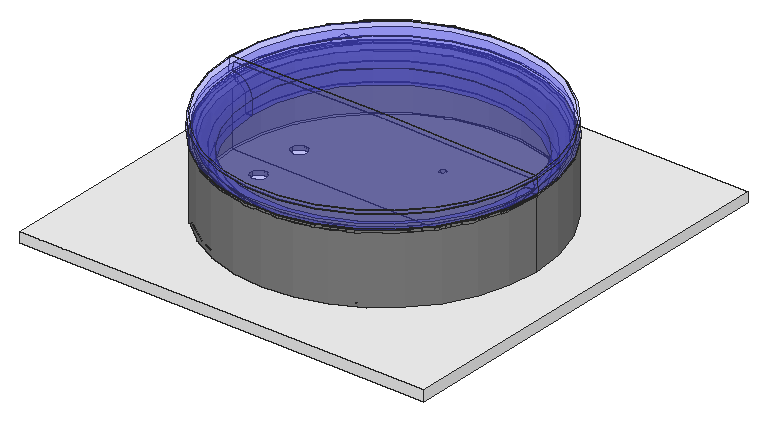
Revit family "BE_33638_de_DE", category Leuchten, Revit 2020
Family settings
  Basisbauteil = Fläche
  Bemaßung runder Anschluss = Durchmesser verwenden
  Teiletyp = Normal
  Beim Laden mit Abzugskörper schneiden = Ja
  Lichtquelle = Ja
  Gemeinsam genutzt = Nein
  Raumberechnungspunkt = Ja
Parameters (values of type "BEGA_33638_Grafit_K3")
  built-in parameter 1150104 = 10.487 (stored number, unit not read)
  Wattage = 26 W
  Default Elevation = 0 mm
  built-in parameter 1150113 = 1 (stored number, unit not read)
  built-in parameter 1114218 = 1 (stored number, unit not read)
  Umgebungstemperatur = "25 °C"
  URL = "https://www.bega.com/de/produkt/33638"
  Typenkommentare = "© 2022 BEGA. Wir behalten uns das Recht vor, technische Änderungen ohne vorherige Ankündigung vorzunehmen."  # constant formula
  Type Image = 33638.png
  built-in parameter 1150134 = (empty or 0)
  built-in parameter 1150109 = 1 (stored number, unit not read)
  Strom = ""
  built-in parameter 1150110 = 1 (stored number, unit not read)
  Spannung = 239.996 V
  Sonderanfertigung = no
  Seriennummer [instance] = "Hier können Sie die eindeutige Seriennummer für das Facility Management eintragen."
  Schutzklasse = "I"
  Schutzart = "IP 64"
  Scheinlast = 0 VA
  Produktdatenblatt = "https://cdn.bega.com/bega/products/33638K4/current/documents/data-sheets/de"
  Oberflächentemperatur = ""
  Neigungswinkel = 0.00°
  Modell = "33638K3"
  Material_11 = BEGA_Glas_opal
  Material_02 = BEGA_Oberfläche_Silber_matt
  Material_01 [instance] = BEGA_Oberfläche_Grafit_matt
  M_G = yes
  M_A = no
  Logo = 0
  built-in parameter 1114217 = 1 (stored number, unit not read)
  built-in parameter 1150139 = (empty or 0)
  built-in parameter 1150105 = 233.55 (stored number, unit not read)
  built-in parameter 1150114 = 1 (stored number, unit not read)
  Lumens = 2934.88 lm
  built-in parameter 1150115 = 1 (stored number, unit not read)
  Leuchtenlichtstrom = "2003 lm"
  Leuchtenanzahl = ""
  Lebensdauerkriterien = "L70B50 @ 25 °C = 192000 h"
  Lastklassifizierung = Beleuchtung
  built-in parameter 1150112 = 1 (stored number, unit not read)
  Lampenlichtstrom = "3630 lm"
  Lampe = "LED 19.3 W"
  LED_Modulbezeichnung = "LED-0832/830"
  built-in parameter 1150142 = (empty or 0)
  Hersteller = "BEGA"  # constant formula
  Halbstreuwinkel = ""
  Gewicht = "2.8 kg"
  Gebrauchslageneinschränkung [instance] = ""
  Frequenz = "0/50-60 Hz"
  Farbwiedergabeindex = "CRI > 80"
  Farbtemperaturverschiebung bei Dämpfen der Lampe = <Keine Auswahl>
  Farbtemperatur = "3000 K"
  Color Filter = 16777215
  built-in parameter 1150133 = 10 (stored number, unit not read)
  Energieeffizienzklasse = "LED A++ - A"
  built-in parameter 1150137 = (empty or 0)
  built-in parameter 1150132 = (empty or 0)
  ENEC = "ja"
  Dimmbar [instance] = "DALI"
  Datei für fotometrisches Netz = "BE_33638K3.IES"
  CE_Konformität = "ja"
  Bestellnummer = "33638K3"
  Beschreibung_Sonderanfertigung = "Hier können Sie Informationen zur Sonderanfertigung eintragen."
  Beschreibung = "Decken- und Wandleuchte"
  built-in parameter 1150106 = 2.3355 (stored number, unit not read)
  Befestigungsbohrung = "Ø 5,5 mm"
  Befestigungsabstand = "240 mm"
  BEGA_Intern_aus = yes
  BEGA_Intern_an = yes
  BEGA_Intern_Konstruktion = yes
  BEGA_Intern = yes
  BEGA_IES = yes
  BEGA_Dummy = no
  Anschlussleistung [instance] = "22.2 W"
  built-in parameter 1150107 = 3000 (stored number, unit not read)
  built-in parameter 1150102 = (empty or 0)
  built-in parameter 1150138 = (empty or 0)
  Aktualisierung = "2022-05-18T04:00:07"
  AC/DC = "AC/DC"
Types (4, lengths in mm): name | built-in parameter 1150104 | built-in parameter 1150134 | Modell | M_G | M_A | built-in parameter 1150105 | Lumens | Leuchtenlichtstrom | Lampenlichtstrom | LED_Modulbezeichnung | Farbtemperatur | Datei für fotometrisches Netz | Bestellnummer | built-in parameter 1150106 | built-in parameter 1150107
  BEGA_33638_Grafit_K3 | 10.487 (stored number, unit not read) | (empty or 0) | "33638K3" | yes | no | 233.55 (stored number, unit not read) | 2934.88 lm | "2003 lm" | "3630 lm" | "LED-0832/830" | "3000 K" | "BE_33638K3.IES" | "33638K3" | 2.3355 (stored number, unit not read) | 3000 (stored number, unit not read)
  BEGA_33638_Silber_K3 | 10.487 (stored number, unit not read) | (empty or 0) | "33638AK3" | no | yes | 233.55 (stored number, unit not read) | 2934.88 lm | "2003 lm" | "3630 lm" | "LED-0832/830" | "3000 K" | "BE_33638K3.IES" | "33638AK3" | 2.3355 (stored number, unit not read) | 3000 (stored number, unit not read)
  BEGA_33638_Silber_K4 | 11.112 (stored number, unit not read) | 12 | "33638AK4" | no | yes | 247.47 (stored number, unit not read) | 3109.86 lm | "2031 lm" | "3680 lm" | "LED-0832/840" | "4000 K" | "BE_33638K4.IES" | "33638AK4" | 2.4747 (stored number, unit not read) | 4000 (stored number, unit not read)
  BEGA_33638_Grafit_K4 | 11.112 (stored number, unit not read) | 12 | "33638K4" | yes | no | 247.47 (stored number, unit not read) | 3109.86 lm | "2031 lm" | "3680 lm" | "LED-0832/840" | "4000 K" | "BE_33638K4.IES" | "33638K4" | 2.4747 (stored number, unit not read) | 4000 (stored number, unit not read)
Reference planes
  plane 1 "Mitte (Vorne/Hinten)": y = 0
  plane 2: z = 0
  plane 3 "Mitte (Links/Rechts)": x = 0
  plane 4 "Links": x = -153.037
  plane 5 "Rechts": x = 153.037
  plane 6 "Unten": y = -152.973
  plane 7 "Oben": y = 152.973
  plane 8 "Vorne": z = 87.037
Forms (mm)
  Extrusion 1, solid, material "BEGA_Platte_Weiss"
    sketch origin (0, -1119.2, 0) x (1, 0, 0) y (0, 1, 0)
      loop
        line (-200, 1319.2) -> (-200, 919.2) -> (200, 919.2) -> (200, 1319.2) -> (-200, 1319.2)
    from 0 to -10
  Extrusion 2, solid, material "BEGA_Dummy_matt", visible <- "BEGA_Dummy"
    sketch origin (77.149, -76.023, 0) x (1, 0, 0) y (0, 1, 0)
      loop
        circle (-77.149, 76.023) r 152.973
    from 0 to 87.037
Dimensions and locks
  plane 1 "Mitte (Vorne/Hinten)" to Extrusion 1 = 200 mm
  aligned and locked: plane 2 to Extrusion 1
  aligned and locked: level to Extrusion 1
Nested families
  nested 1: "BE_33638" at (0, 0, 0), type "BE_33638"
Connectors
  electrical at (0, 0, 0), driven by "Lastklassifizierung", driven by "Spannung", driven by "Scheinlast"
    settings: index 1, voltage 239.996 V, apparent load 0 VA, apparent load phase1 0 VA, apparent load phase2 0 VA, apparent load phase3 0 VA, power factor 1, load classification "Beleuchtung", number of poles 1, system type 31, power factor state 1, is connector primary yes, connector utility no, sub classification motor no, connector description ""
Definition of nested family "BE_33638"
  Parameters (values of type "BE_33638")
    Default Elevation = 1 mm
    URL = "http://www.bega.de/de/produkt"
    Type Comments = "© 2015 BEGA. Wir behalten uns das Recht vor, technische Änderungen ohne vorherige Ankündigung vorzunehmen. "  # constant formula
    Type Image = (empty or 0)
    Material_17 = none
    Material_15 = none
    Material_11 = none
    Material_09 = none
    Material_06 = none
    Material_02 = none
    Material_01 = none
    M_W = yes
    M_G = yes
    M_A = yes
    Länge_Platte = 200 mm  # constant formula
    Höhe_Platte = -10 mm  # constant formula
    Manufacturer = "BEGA"  # constant formula
    Breite_Platte = 200 mm  # constant formula
  Reference planes
    plane 1 "Mitte (Oben/Unten)": y = 0
    plane 2: z = 0
    plane 3 "Mitte (Links/Rechts)": x = 0
    plane 4 "Vorne": z = 87.037
    plane 5 "Oben": y = 152.973
    plane 6: x = -153.037
    plane 7: y = -152.973
    plane 8: x = 153.037
  Forms (mm)
    Extrusion 1, solid, detail levels medium
      sketch origin (0, 0, 0) x (1, 0, 0) y (0, 1, 0)
        loop
          line (-100, 100) -> (-100, -100) -> (100, -100) -> (100, 100) -> (-100, 100)
      from 0 to -10 <- "Höhe_Platte"
    Revolve 2, solid, material <- "Material_11", detail levels medium+fine
      sketch origin (0, 0, 1.5) x (1, 0, 0) y (0, 0, 1)
        loop
          arc (0, 85.5) -> (-75.298, 84.83) -> (-150.587, 83.54) r 9136.086
          arc (-150.587, 83.54) -> (-151.948, 82.966) -> (-152.543, 81.614) r 2
          line (-152.543, 81.614) -> (-152.999, 68.572)
          arc (-152.999, 68.572) -> (-152.439, 67.112) -> (-151, 66.5) r 2
          line (-151, 66.5) -> (-145, 66.5) -> (-136, 56.139) -> (-136, 37.5) -> (-130, 37.5) -> (-130, 52.5)
          arc (-130, 52.5) -> (-135.605, 65.553) -> (-148.93, 70.476) r 18
          line (-148.93, 70.476) -> (-148.619, 79.38)
          arc (-148.619, 79.38) -> (-74.313, 80.641) -> (0, 81.298) r 9131.433
          line (0, 81.298) -> (0, 85.5)
        axis (0, 85.5) -> (0, 37.5)
      angle from 0 to 360
    Extrusion 3, void
      sketch origin (0, 0, 0) x (1, 0, 0) y (0, 1, 0)
        loop
          circle (0, -120) r 2.75
        loop
          circle (0, 72.973) r 2.75
        loop
          circle (-107.5, 30) r 7.5
        loop
          circle (-107.5, -20) r 7.5
      from 0 to 5.474
    Revolve 4, solid, material <- "Material_02", visible <- "M_A", detail levels medium+fine
      sketch origin (0, 0, 1.707) x (1, 0, 0) y (0, 0, 1)
        loop
          line (-151.35, 64.446) -> (-151.35, -1.707) -> (0, -1.707) -> (0, 1.793) -> (-149.149, 1.793)
          arc (-149.149, 1.793) -> (-149.857, 2.086) -> (-150.15, 2.793) r 1
          line (-150.15, 2.793) -> (-150.15, 64.805) -> (-145.348, 60.004) -> (-144.5, 60.852) -> (-149.096, 65.449)
          arc (-149.096, 65.449) -> (-150.549, 65.679) -> (-151.35, 64.446) r 1.35
        axis (0, 65.449) -> (0, -1.707)
      angle from 0 to 360
    Extrusion 5, void
      sketch origin (0, 0, 0) x (1, 0, 0) y (0, 1, 0)
        loop
          circle (0, -120) r 2.75
        loop
          circle (0, 72.973) r 2.75
        loop
          circle (-107.5, 30) r 7.5
        loop
          circle (-107.5, -20) r 7.5
      from 0 to 5.474
    Extrusion 6, void
      sketch origin (0, 0, 0) x (1, 0, 0) y (0, 1, 0)
        loop
          circle (0, -120) r 2.75
        loop
          circle (0, 72.973) r 2.75
        loop
          circle (-107.5, 30) r 7.5
        loop
          circle (-107.5, -20) r 7.5
      from 0 to 5.474
    Revolve 7, solid, material <- "Material_01", visible <- "M_G", detail levels medium+fine
      sketch origin (0, 0, 1.707) x (1, 0, 0) y (0, 0, 1)
        loop
          line (-151.35, 64.446) -> (-151.35, -1.707) -> (0, -1.707) -> (0, 1.793) -> (-149.149, 1.793)
          arc (-149.149, 1.793) -> (-149.857, 2.086) -> (-150.15, 2.793) r 1
          line (-150.15, 2.793) -> (-150.15, 64.805) -> (-145.348, 60.004) -> (-144.5, 60.852) -> (-149.096, 65.449)
          arc (-149.096, 65.449) -> (-150.549, 65.679) -> (-151.35, 64.446) r 1.35
        axis (0, 65.449) -> (0, -1.707)
      angle from 0 to 360
    Extrusion 8, void
      sketch origin (0, 0, 0) x (1, 0, 0) y (0, 1, 0)
        loop
          circle (0, -120) r 2.75
        loop
          circle (0, 72.973) r 2.75
        loop
          circle (-107.5, 30) r 7.5
        loop
          circle (-107.5, -20) r 7.5
      from 0 to 5.474
  Cuts and joins
    Extrusion 3 cuts Revolve 2
    Extrusion 5, Extrusion 6, Extrusion 8 cuts Revolve 4
    Extrusion 6 cuts Revolve 7
  Dimensions and locks
    equal spacing: Extrusion 1 sketch curve, plane 3 "Mitte (Links/Rechts)", Extrusion 1 sketch curve
    equal spacing: Extrusion 1 sketch curve, plane 1 "Mitte (Oben/Unten)", Extrusion 1 sketch curve
    "Länge_Platte": Extrusion 1 sketch curve to Extrusion 1 sketch curve
    "Breite_Platte": Extrusion 1 sketch curve to Extrusion 1 sketch curve
    aligned and locked: plane 2 to Extrusion 1
    aligned and locked: level to Extrusion 1
  Automatic sketch dimensions
    Revolve 2 sketch curve to plane 3 "Mitte (Links/Rechts)" = 0 mm  (x2)
    Revolve 2 sketch curve to Revolve 2 sketch curve = 6 mm
    Revolve 2 sketch curve to Revolve 2 sketch curve = 9 mm
    Revolve 2 sketch curve to Revolve 2 sketch curve = 12 mm
    Revolve 2 sketch curve to Revolve 2 sketch curve = 3.619 mm
    Revolve 2 sketch curve to Revolve 2 sketch curve = 3.93 mm
    Revolve 2 sketch curve to Revolve 2 sketch curve = 1.926 mm
    Revolve 2 sketch curve to Revolve 2 sketch curve = 2.07 mm
    Revolve 2 sketch curve to Revolve 2 sketch curve = 1.999 mm  (x2)
    plane 3 "Mitte (Links/Rechts)" to Revolve 2 sketch curve = 43.552 mm
    Revolve 2 sketch curve to Revolve 2 sketch curve = 0.004 mm
    Revolve 2 sketch curve to Revolve 2 sketch curve = 0.452 mm
    level to Revolve 2 sketch curve = 39 mm
    Revolve 2 sketch curve to Revolve 2 sketch curve = 15 mm
    Revolve 2 sketch curve to Revolve 2 sketch curve = 3.639 mm  (x2)
    Revolve 2 sketch curve to Revolve 2 sketch curve = 10.361 mm
    Revolve 2 sketch curve to Revolve 2 sketch curve = 2 mm
    Revolve 2 sketch curve to Revolve 2 sketch curve = 1.976 mm
    Revolve 2 sketch curve to Revolve 2 sketch curve = 8.904 mm
    Revolve 2 sketch curve to Revolve 2 sketch curve = 2.161 mm
    Revolve 2 sketch curve to Revolve 2 sketch curve = 0.073 mm
    Revolve 2 sketch curve to Revolve 2 sketch curve = 4.201 mm
    Revolve 2 sketch curve to Revolve 2 sketch curve = 0.042 mm
    Revolve 2 sketch curve to Revolve 2 sketch curve = 0 mm  (x3)
    Revolve 2 sketch curve to Revolve 2 sketch curve = 7.467 mm
    Extrusion 3 sketch curve to plane 3 "Mitte (Links/Rechts)" = 0 mm  (x2)
    Extrusion 3 sketch curve to plane 1 "Mitte (Oben/Unten)" = 30 mm
    plane 1 "Mitte (Oben/Unten)" to Extrusion 3 sketch curve = 20 mm
    Extrusion 3 sketch curve to Extrusion 3 sketch curve = 0 mm
    Extrusion 3 sketch curve to plane 5 "Oben" = 80 mm
    Extrusion 5 sketch curve to plane 3 "Mitte (Links/Rechts)" = 0 mm  (x2)
    Extrusion 5 sketch curve to plane 1 "Mitte (Oben/Unten)" = 30 mm
    plane 1 "Mitte (Oben/Unten)" to Extrusion 5 sketch curve = 20 mm
    Extrusion 5 sketch curve to Extrusion 5 sketch curve = 0 mm
    Extrusion 5 sketch curve to plane 5 "Oben" = 80 mm
    Revolve 2 sketch curve to plane 3 "Mitte (Links/Rechts)" = 130 mm
    Extrusion 3 sketch curve to plane 3 "Mitte (Links/Rechts)" = 107.5 mm
    Extrusion 5 sketch curve to plane 3 "Mitte (Links/Rechts)" = 107.5 mm
    plane 1 "Mitte (Oben/Unten)" to Extrusion 3 sketch curve = 120 mm
    plane 1 "Mitte (Oben/Unten)" to Extrusion 5 sketch curve = 120 mm
    Revolve 4 sketch curve to plane 6 = 1.687 mm
    Revolve 4 sketch curve to Revolve 4 sketch curve = 1.35 mm
    level to Revolve 4 sketch curve = 66.153 mm
    Revolve 4 sketch curve to Revolve 4 sketch curve = 0.904 mm
    level to Revolve 4 sketch curve = 0 mm
    Revolve 4 sketch curve to Revolve 4 sketch curve = 4.596 mm  (x2)
    Revolve 4 sketch curve to Revolve 4 sketch curve = 0.848 mm  (x2)
    Revolve 4 sketch curve to Revolve 4 sketch curve = 0.15 mm
    Revolve 4 sketch curve to Revolve 4 sketch curve = 1.2 mm
    Revolve 4 sketch curve to Revolve 4 sketch curve = 1 mm
    Revolve 4 sketch curve to Revolve 4 sketch curve = 4.5 mm
    Revolve 4 sketch curve to Revolve 4 sketch curve = 0.001 mm
    Revolve 4 sketch curve to Revolve 4 sketch curve = 0.359 mm
    Revolve 4 sketch curve to plane 3 "Mitte (Links/Rechts)" = 0 mm
    Extrusion 6 sketch curve to plane 3 "Mitte (Links/Rechts)" = 0 mm  (x2)
    Extrusion 6 sketch curve to plane 6 = 45.537 mm  (x2)
    plane 1 "Mitte (Oben/Unten)" to Extrusion 6 sketch curve = 20 mm
    plane 7 to Extrusion 6 sketch curve = 32.973 mm
    Extrusion 6 sketch curve to plane 1 "Mitte (Oben/Unten)" = 30 mm
    Extrusion 6 sketch curve to plane 1 "Mitte (Oben/Unten)" = 72.973 mm
    Revolve 7 sketch curve to level = 0 mm
    Revolve 7 sketch curve to plane 3 "Mitte (Links/Rechts)" = 0 mm  (x2)
    Revolve 7 sketch curve to plane 6 = 8.537 mm
    Revolve 7 sketch curve to Revolve 7 sketch curve = 0.848 mm  (x2)
    Revolve 7 sketch curve to plane 6 = 3.941 mm
    Revolve 7 sketch curve to plane 6 = 3.888 mm
    Revolve 7 sketch curve to Revolve 7 sketch curve = 0.001 mm
    Revolve 7 sketch curve to Revolve 7 sketch curve = 0.904 mm
    Revolve 7 sketch curve to Revolve 7 sketch curve = 1 mm
    Revolve 7 sketch curve to Revolve 7 sketch curve = 0.15 mm
    Revolve 7 sketch curve to Revolve 7 sketch curve = 1.2 mm
    Revolve 7 sketch curve to Revolve 7 sketch curve = 3.5 mm
    Revolve 7 sketch curve to Revolve 7 sketch curve = 57.211 mm
    Revolve 7 sketch curve to Revolve 7 sketch curve = 4.442 mm
    Revolve 7 sketch curve to Revolve 7 sketch curve = 0.359 mm
    plane 4 "Vorne" to Revolve 7 sketch curve = 208.432 mm
    Extrusion 8 sketch curve to plane 3 "Mitte (Links/Rechts)" = 0 mm  (x2)
    Extrusion 8 sketch curve to plane 6 = 45.537 mm  (x2)
    plane 1 "Mitte (Oben/Unten)" to Extrusion 8 sketch curve = 20 mm
    plane 7 to Extrusion 8 sketch curve = 32.973 mm
    Extrusion 8 sketch curve to plane 1 "Mitte (Oben/Unten)" = 30 mm
    Extrusion 8 sketch curve to plane 1 "Mitte (Oben/Unten)" = 72.973 mm
    Revolve 2 sketch curve to level = 9048.531 mm
    Revolve 7 sketch curve to level = 274.158 mm
    radius of Extrusion 3 sketch curve = 2.75 mm  (x2)
    radius of Extrusion 3 sketch curve = 7.5 mm  (x2)
    radius of Extrusion 5 sketch curve = 2.75 mm  (x2)
    radius of Extrusion 5 sketch curve = 7.5 mm  (x2)
    radius of Extrusion 6 sketch curve = 2.75 mm  (x2)
    radius of Extrusion 6 sketch curve = 7.5 mm  (x2)
    radius of Extrusion 8 sketch curve = 2.75 mm  (x2)
    radius of Extrusion 8 sketch curve = 7.5 mm  (x2)
